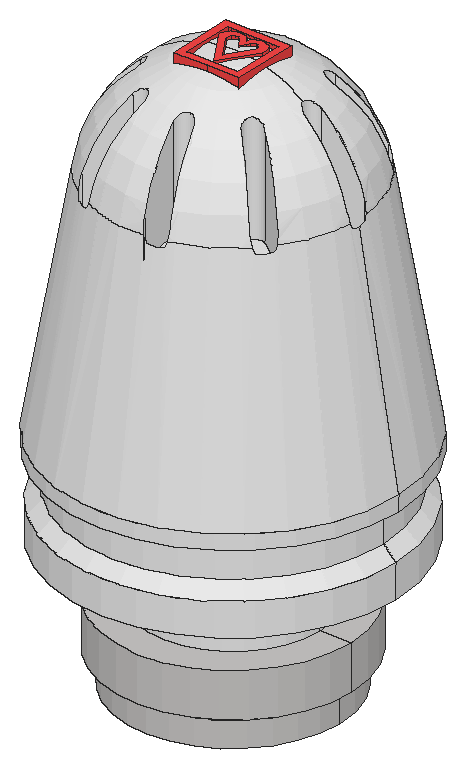
Revit family "Термостатическая головка HERZ-Design-MINI GS, с присоединительной резьбой М 28х1.5, 9200 03", category Rohrzubehör, Revit 2018
Family settings
  Bemaßung runder Anschluss = Durchmesser verwenden
  Teiletyp = Normal
  OmniClass-Nummer = 23.65.55.14
  OmniClass-Titel = Valves for Liquid Services
  Arbeitsebenenbasiert = Nein
  Immer vertikal = Nein
  Beim Laden mit Abzugskörper schneiden = Nein
  Gemeinsam genutzt = Nein
Parameters
  Принцип действия = "HERZ-термостатическая головка является датчиком прямого регулирования.\r\nИзменение объема жидкости в HERZ-гидросенсоре приводит в движение шток клапана."
  Область применения = "Для монтажа на всех HERZ-клапанах, предназначенных для термостатической работы."
  Номер заказа = 1920003  # constant formula
  Морозозащита = 6 °C  # constant formula
  Маховик = "Пластик, белый"  # constant formula
  Диапазон регулирования с морозозащитой = "6-30°C"  # constant formula
  Диапазон регулирования = "0-30°C"  # constant formula
  URL = "www.herz-armaturen.ru"
  S02 = 60 mm  # constant formula
  S01 = 73 mm  # constant formula
  Позиция теплового запирания "0" = "Термостатическая головка с жидкостным датчиком (гидросенсором) с позициями теплового запираниия \"0\" и морозозащиты, с ограничением и блокировкой диапазона регулирования."
  Hersteller = "HERZ Armaturen Ges.m.b.H."  # constant formula
  Позиция морозозащиты * = "Термостатическая головка с жидкостным датчиком (гидросенсором) с позицией морозозащиты и ограничением, блокировкой диапазона регулирования."
Reference planes
  plane 1 "Mitte (Vorne/hinten)": y = 0
  plane 2: z = 0
  plane 3 "Mitte (Links/rechts)": x = 0
Forms (mm)
  Revolve 1, solid, material "Kunststoff weiß", detail levels fine
    sketch origin (0, 0, 0) x (1, 0, 0) y (0, 0, 1)
      loop
        line (0, 0) -> (0, 73)
        arc (0, 73) -> (-11.397, 68.78) -> (-17.297, 58.156) r 17.5
        arc (-17.297, 58.156) -> (-20.011, 42.065) -> (-22.88, 26) r 1681.293
        line (-22.88, 26) -> (-22.88, 24) -> (-20.75, 24) -> (-20.75, 19.25) -> (-22.5, 17.5) -> (-22.5, 13) -> (-12.8, 13)
        arc (-12.8, 13) -> (-12.234, 12.766) -> (-12, 12.2) r 0.8
        line (-12, 12.2) -> (-12, 4.8) -> (-13.2, 4.8) -> (-13.2, 0) -> (0, 0)
      axis (0, 73) -> (0, 0)
    angle from 0 to 360
  Revolve 2, solid, material "Messing verzinkt", detail levels fine
    sketch origin (0, 0, 0) x (1, 0, 0) y (0, 0, 1)
      loop
        line (0, 0) -> (0, 5.5) -> (-16.35, 5.5) -> (-16.35, -0.576) -> (-14.75, -1.5) -> (-14.75, -5) -> (-13.35, -5) -> (-13.35, 0) -> (0, 0)
      axis (0, 5.5) -> (0, -5)
    angle from 0 to 360
  Extrusion 3, void
    sketch origin (0, 0, 0) x (1, 0, 0) y (0, 1, 0)
      loop
        arc (11.027, 1.298) -> (9.8, 0) -> (11.027, -1.298) r 1.3
        line (11.027, -1.298) -> (16.77, -1.62)
        arc (16.77, -1.62) -> (17.178, -1.485) -> (17.384, -1.107) r 0.586
        arc (17.384, -1.107) -> (17.453, 0.011) -> (17.382, 1.129) r 9
        arc (17.382, 1.129) -> (17.183, 1.492) -> (16.79, 1.621) r 0.564
        line (16.79, 1.621) -> (11.027, 1.298)
      loop
        line (9.282, 6.094) -> (13.904, 9.55)
        arc (13.904, 9.55) -> (14.121, 9.902) -> (14.04, 10.308) r 0.564
        arc (14.04, 10.308) -> (13.376, 11.21) -> (12.605, 12.023) r 9
        arc (12.605, 12.023) -> (12.205, 12.18) -> (11.805, 12.021) r 0.586
        line (11.805, 12.021) -> (7.613, 8.082)
        arc (7.613, 8.082) -> (7.507, 6.299) -> (9.282, 6.094) r 1.3
      loop
        arc (0.637, 11.085) -> (1.702, 9.651) -> (3.193, 10.634) r 1.3
        line (3.193, 10.634) -> (4.508, 16.234)
        arc (4.508, 16.234) -> (4.445, 16.659) -> (4.109, 16.928) r 0.586
        arc (4.109, 16.928) -> (3.02, 17.189) -> (1.907, 17.313) r 9
        arc (1.907, 17.313) -> (1.515, 17.181) -> (1.319, 16.816) r 0.564
        line (1.319, 16.816) -> (0.637, 11.085)
      loop
        line (-4.39, 10.199) -> (-6.991, 15.351)
        arc (-6.991, 15.351) -> (-7.3, 15.626) -> (-7.713, 15.617) r 0.564
        arc (-7.713, 15.617) -> (-8.717, 15.12) -> (-9.651, 14.501) r 9
        arc (-9.651, 14.501) -> (-9.875, 14.134) -> (-9.788, 13.713) r 0.586
        line (-9.788, 13.713) -> (-6.638, 8.901)
        arc (-6.638, 8.901) -> (-4.9, 8.487) -> (-4.39, 10.199) r 1.3
      loop
        arc (-10.806, 2.552) -> (-9.209, 3.352) -> (-9.918, 4.991) r 1.3
        line (-9.918, 4.991) -> (-15.204, 7.258)
        arc (-15.204, 7.258) -> (-15.634, 7.271) -> (-15.957, 6.986) r 0.586
        arc (-15.957, 6.986) -> (-16.404, 5.959) -> (-16.719, 4.884) r 9
        arc (-16.719, 4.884) -> (-16.657, 4.475) -> (-16.332, 4.219) r 0.564
        line (-16.332, 4.219) -> (-10.806, 2.552)
      loop
        line (-10.806, -2.552) -> (-16.332, -4.219)
        arc (-16.332, -4.219) -> (-16.657, -4.475) -> (-16.719, -4.884) r 0.564
        arc (-16.719, -4.884) -> (-16.404, -5.959) -> (-15.957, -6.986) r 9
        arc (-15.957, -6.986) -> (-15.634, -7.271) -> (-15.204, -7.258) r 0.586
        line (-15.204, -7.258) -> (-9.918, -4.991)
        arc (-9.918, -4.991) -> (-9.209, -3.352) -> (-10.806, -2.552) r 1.3
      loop
        arc (9.282, -6.094) -> (7.507, -6.299) -> (7.613, -8.082) r 1.3
        line (7.613, -8.082) -> (11.805, -12.021)
        arc (11.805, -12.021) -> (12.205, -12.18) -> (12.605, -12.023) r 0.586
        arc (12.605, -12.023) -> (13.376, -11.21) -> (14.04, -10.308) r 9
        arc (14.04, -10.308) -> (14.121, -9.902) -> (13.904, -9.55) r 0.564
        line (13.904, -9.55) -> (9.282, -6.094)
      loop
        line (0.637, -11.085) -> (1.319, -16.816)
        arc (1.319, -16.816) -> (1.515, -17.181) -> (1.907, -17.313) r 0.564
        arc (1.907, -17.313) -> (3.02, -17.189) -> (4.109, -16.928) r 9
        arc (4.109, -16.928) -> (4.445, -16.659) -> (4.508, -16.234) r 0.586
        line (4.508, -16.234) -> (3.193, -10.634)
        arc (3.193, -10.634) -> (1.702, -9.651) -> (0.637, -11.085) r 1.3
      loop
        arc (-4.39, -10.199) -> (-4.9, -8.487) -> (-6.638, -8.901) r 1.3
        line (-6.638, -8.901) -> (-9.788, -13.713)
        arc (-9.788, -13.713) -> (-9.875, -14.134) -> (-9.651, -14.501) r 0.586
        arc (-9.651, -14.501) -> (-8.717, -15.12) -> (-7.713, -15.617) r 9
        arc (-7.713, -15.617) -> (-7.3, -15.626) -> (-6.991, -15.351) r 0.564
        line (-6.991, -15.351) -> (-4.39, -10.199)
    from 55 to 73
Cuts and joins
  Extrusion 3 cuts Revolve 1
Lines and regions (mm)
  model lines, detail levels coarse+medium
    curve 1: line (0, 0, 0) -> (0, 0, 13)
    curve 2: line (0, -0.017, 0) -> (0, 13, 0)
    curve 3: circle (0, 0, 43) r 30 normal (0, -1, 0)
    curve 4: circle (0, 0, 43) r 30 normal (1, 0, 0)
    curve 5: line (0, 0, 23) -> (0, 0, 63)
    curve 6: line (0, -17.5, 63) -> (0, 17.5, 63)
    curve 7: line (0, 0, 23) -> (0, 0, 63)
    curve 8: line (-17.5, 0, 63) -> (17.5, 0, 63)
    curve 9: circle (0, 43, 0) r 30 normal (0, 0, 1)
    curve 10: line (0, 23, 0) -> (0, 63, 0)
    curve 11: line (-17.5, 63, 0) -> (17.5, 63, 0)
Dimensions and locks
  "S01": curve 4 to plane 2
  "S01": curve 3 to plane 2
  "S01": plane 1 "Mitte (Vorne/hinten)" to curve 9
  "S02": diameter of curve 3
  "S02": diameter of curve 4
  "S02": diameter of curve 9
  aligned and locked: level to plane 2
Automatic sketch dimensions
  Revolve 1 sketch curve to level = 0 mm
  Revolve 1 sketch curve to plane 3 "Mitte (Links/rechts)" = 0 mm  (x2)
  Revolve 1 sketch curve to plane 3 "Mitte (Links/rechts)" = 12 mm
  Revolve 1 sketch curve to Revolve 1 sketch curve = 0.8 mm
  Revolve 1 sketch curve to Revolve 1 sketch curve = 1.2 mm
  Revolve 1 sketch curve to Revolve 1 sketch curve = 7.95 mm
  Revolve 1 sketch curve to Revolve 1 sketch curve = 1.75 mm  (x2)
  Revolve 1 sketch curve to Revolve 1 sketch curve = 2.13 mm
  level to Revolve 1 sketch curve = 329.658 mm
  Revolve 1 sketch curve to plane 3 "Mitte (Links/rechts)" = 1676.524 mm
  level to Revolve 1 sketch curve = 4.8 mm
  Revolve 1 sketch curve to Revolve 1 sketch curve = 7.4 mm
  Revolve 1 sketch curve to Revolve 1 sketch curve = 4.5 mm
  Revolve 1 sketch curve to Revolve 1 sketch curve = 4.75 mm
  Revolve 1 sketch curve to Revolve 1 sketch curve = 2 mm
  Revolve 1 sketch curve to Revolve 1 sketch curve = 29.5 mm
  Revolve 1 sketch curve to Revolve 1 sketch curve = 17.5 mm
  Revolve 1 sketch curve to level = 366.045 mm
  Revolve 1 sketch curve to Revolve 1 sketch curve = 2141.315 mm
  Revolve 2 sketch curve to level = 0 mm
  Revolve 2 sketch curve to plane 3 "Mitte (Links/rechts)" = 0 mm  (x2)
  Revolve 2 sketch curve to level = 5 mm
  Revolve 2 sketch curve to plane 3 "Mitte (Links/rechts)" = 13.35 mm
  Revolve 2 sketch curve to Revolve 2 sketch curve = 1.4 mm
  Revolve 2 sketch curve to level = 0.576 mm
  Revolve 2 sketch curve to Revolve 2 sketch curve = 1.6 mm
  Revolve 2 sketch curve to level = 1.5 mm
  level to Revolve 2 sketch curve = 5.5 mm
  Revolve 2 sketch curve to Revolve 2 sketch curve = 361.045 mm
  Revolve 2 sketch curve to Revolve 2 sketch curve = 2208.815 mm
  plane 1 "Mitte (Vorne/hinten)" to Extrusion 3 sketch curve = 0 mm  (x2)
  Extrusion 3 sketch curve to plane 1 "Mitte (Vorne/hinten)" = 4.219 mm
  Extrusion 3 sketch curve to plane 3 "Mitte (Links/rechts)" = 16.332 mm
  plane 1 "Mitte (Vorne/hinten)" to Extrusion 3 sketch curve = 4.219 mm
  Extrusion 3 sketch curve to Extrusion 3 sketch curve = 0 mm  (x11)
  Extrusion 3 sketch curve to Extrusion 3 sketch curve = 0.163 mm  (x2)
  Extrusion 3 sketch curve to Extrusion 3 sketch curve = 0.734 mm  (x2)
  plane 1 "Mitte (Vorne/hinten)" to Extrusion 3 sketch curve = 7.258 mm
  Extrusion 3 sketch curve to Extrusion 3 sketch curve = 0.231 mm  (x2)
  Extrusion 3 sketch curve to plane 1 "Mitte (Vorne/hinten)" = 7.258 mm
  plane 1 "Mitte (Vorne/hinten)" to Extrusion 3 sketch curve = 2.552 mm
  Extrusion 3 sketch curve to Extrusion 3 sketch curve = 5.526 mm
  Extrusion 3 sketch curve to plane 1 "Mitte (Vorne/hinten)" = 2.552 mm
  Extrusion 3 sketch curve to Extrusion 3 sketch curve = 0.375 mm  (x2)
  Extrusion 3 sketch curve to Extrusion 3 sketch curve = 0.512 mm  (x2)
  Extrusion 3 sketch curve to Extrusion 3 sketch curve = 5.416 mm  (x2)
  Extrusion 3 sketch curve to Extrusion 3 sketch curve = 0.49 mm  (x2)
  Extrusion 3 sketch curve to Extrusion 3 sketch curve = 2.488 mm  (x2)
  Extrusion 3 sketch curve to Extrusion 3 sketch curve = 1.803 mm  (x2)
  Extrusion 3 sketch curve to Extrusion 3 sketch curve = 0.504 mm  (x2)
  Extrusion 3 sketch curve to Extrusion 3 sketch curve = 3.281 mm  (x2)
  Extrusion 3 sketch curve to Extrusion 3 sketch curve = 1.088 mm  (x2)
  Extrusion 3 sketch curve to Extrusion 3 sketch curve = 1.16 mm  (x2)
  Extrusion 3 sketch curve to Extrusion 3 sketch curve = 1.324 mm  (x2)
  plane 3 "Mitte (Links/rechts)" to Extrusion 3 sketch curve = 0.637 mm  (x2)
  plane 3 "Mitte (Links/rechts)" to Extrusion 3 sketch curve = 1.319 mm  (x2)
  plane 3 "Mitte (Links/rechts)" to Extrusion 3 sketch curve = 1.468 mm  (x2)
  Extrusion 3 sketch curve to Extrusion 3 sketch curve = 0.561 mm  (x2)
  Extrusion 3 sketch curve to Extrusion 3 sketch curve = 1.291 mm  (x2)
  Extrusion 3 sketch curve to Extrusion 3 sketch curve = 1.266 mm  (x2)
  Extrusion 3 sketch curve to Extrusion 3 sketch curve = 2.058 mm  (x2)
  Extrusion 3 sketch curve to Extrusion 3 sketch curve = 0.57 mm  (x2)
  Extrusion 3 sketch curve to Extrusion 3 sketch curve = 5.007 mm  (x2)
  Extrusion 3 sketch curve to Extrusion 3 sketch curve = 1.138 mm  (x2)
  Extrusion 3 sketch curve to Extrusion 3 sketch curve = 1.978 mm
  Extrusion 3 sketch curve to Extrusion 3 sketch curve = 0.89 mm  (x2)
  Extrusion 3 sketch curve to Extrusion 3 sketch curve = 0.779 mm  (x2)
  plane 1 "Mitte (Vorne/hinten)" to Extrusion 3 sketch curve = 1.298 mm
  Extrusion 3 sketch curve to Extrusion 3 sketch curve = 2.575 mm
  Extrusion 3 sketch curve to Extrusion 3 sketch curve = 0.073 mm
  Extrusion 3 sketch curve to Extrusion 3 sketch curve = 4.192 mm  (x2)
  Extrusion 3 sketch curve to Extrusion 3 sketch curve = 0.401 mm  (x2)
  Extrusion 3 sketch curve to Extrusion 3 sketch curve = 1.36 mm  (x2)
  Extrusion 3 sketch curve to Extrusion 3 sketch curve = 0.338 mm  (x2)
  plane 1 "Mitte (Vorne/hinten)" to Extrusion 3 sketch curve = 1.62 mm
  Extrusion 3 sketch curve to Extrusion 3 sketch curve = 5.743 mm
  Extrusion 3 sketch curve to plane 1 "Mitte (Vorne/hinten)" = 1.621 mm
  Extrusion 3 sketch curve to Extrusion 3 sketch curve = 0.02 mm
  Extrusion 3 sketch curve to Extrusion 3 sketch curve = 0.033 mm
  Extrusion 3 sketch curve to Extrusion 3 sketch curve = 0.032 mm
  plane 1 "Mitte (Vorne/hinten)" to Extrusion 3 sketch curve = 7.32 mm
  Extrusion 3 sketch curve to Extrusion 3 sketch curve = 6.784 mm
  Extrusion 3 sketch curve to Extrusion 3 sketch curve = 1.004 mm
  Extrusion 3 sketch curve to Extrusion 3 sketch curve = 1.581 mm  (x2)
  Extrusion 3 sketch curve to Extrusion 3 sketch curve = 1.468 mm
  Extrusion 3 sketch curve to Extrusion 3 sketch curve = 0.712 mm  (x2)
  Extrusion 3 sketch curve to Extrusion 3 sketch curve = 0.452 mm  (x2)
  Extrusion 3 sketch curve to Extrusion 3 sketch curve = 2.31 mm  (x2)
  Extrusion 3 sketch curve to Extrusion 3 sketch curve = 0.297 mm  (x2)
  Extrusion 3 sketch curve to Extrusion 3 sketch curve = 1.591 mm  (x2)
  Extrusion 3 sketch curve to Extrusion 3 sketch curve = 0.427 mm  (x2)
  Extrusion 3 sketch curve to Extrusion 3 sketch curve = 4.812 mm  (x2)
  Extrusion 3 sketch curve to Extrusion 3 sketch curve = 0.321 mm  (x2)
  Extrusion 3 sketch curve to Extrusion 3 sketch curve = 1.063 mm  (x2)
  Extrusion 3 sketch curve to Extrusion 3 sketch curve = 0.254 mm  (x2)
  Extrusion 3 sketch curve to Extrusion 3 sketch curve = 5.599 mm  (x2)
  Extrusion 3 sketch curve to Extrusion 3 sketch curve = 0.134 mm  (x2)
  Extrusion 3 sketch curve to Extrusion 3 sketch curve = 0.382 mm  (x2)
  Extrusion 3 sketch curve to Extrusion 3 sketch curve = 0.067 mm  (x2)
  Extrusion 3 sketch curve to Extrusion 3 sketch curve = 0.947 mm
  Extrusion 3 sketch curve to Extrusion 3 sketch curve = 0.539 mm  (x2)
  Extrusion 3 sketch curve to Extrusion 3 sketch curve = 1.702 mm
  Extrusion 3 sketch curve to Extrusion 3 sketch curve = 2.439 mm
  Extrusion 3 sketch curve to Extrusion 3 sketch curve = 0.54 mm  (x2)
  Extrusion 3 sketch curve to Extrusion 3 sketch curve = 0.905 mm
  Extrusion 3 sketch curve to Extrusion 3 sketch curve = 0.585 mm
  Extrusion 3 sketch curve to Extrusion 3 sketch curve = 0.564 mm
  Extrusion 3 sketch curve to Extrusion 3 sketch curve = 0.339 mm
  Extrusion 3 sketch curve to Extrusion 3 sketch curve = 1.245 mm
  Extrusion 3 sketch curve to plane 1 "Mitte (Vorne/hinten)" = 5.433 mm
  Extrusion 3 sketch curve to Extrusion 3 sketch curve = 0.661 mm
  Extrusion 3 sketch curve to Extrusion 3 sketch curve = 1.041 mm
  Extrusion 3 sketch curve to Extrusion 3 sketch curve = 4.429 mm
  Extrusion 3 sketch curve to Extrusion 3 sketch curve = 2.891 mm
  Extrusion 3 sketch curve to Extrusion 3 sketch curve = 3.456 mm
  Extrusion 3 sketch curve to plane 1 "Mitte (Vorne/hinten)" = 1.298 mm  (x2)
  curve 5 to plane 1 "Mitte (Vorne/hinten)" = 0 mm
  curve 4 to plane 1 "Mitte (Vorne/hinten)" = 0 mm
  plane 1 "Mitte (Vorne/hinten)" to curve 6 = 17.5 mm
  curve 5 to curve 6 = 17.5 mm
  curve 5 to curve 4 = 20 mm
  curve 4 to curve 6 = 20 mm
  curve 3 to plane 3 "Mitte (Links/rechts)" = 0 mm
  curve 7 to plane 3 "Mitte (Links/rechts)" = 0 mm
  curve 1 to plane 3 "Mitte (Links/rechts)" = 0 mm
  curve 1 to level = 0 mm
  curve 8 to curve 7 = 17.5 mm
  plane 3 "Mitte (Links/rechts)" to curve 8 = 17.5 mm
  curve 1 to curve 7 = 10 mm
  curve 3 to curve 8 = 20 mm
  curve 9 to plane 3 "Mitte (Links/rechts)" = 0 mm
  curve 10 to plane 3 "Mitte (Links/rechts)" = 0 mm
  curve 2 to plane 3 "Mitte (Links/rechts)" = 0 mm
  curve 11 to curve 10 = 17.5 mm
  plane 3 "Mitte (Links/rechts)" to curve 11 = 17.5 mm
  plane 1 "Mitte (Vorne/hinten)" to curve 2 = 0.017 mm
  curve 2 to curve 10 = 10 mm
  curve 9 to curve 11 = 20 mm
Nested families
  nested 1: "Herz-Logo" at (0, 0, 71.5), type "Herz-Logo", detail levels fine
Definition of nested family "Herz-Logo"
  Reference planes
    plane 1 "Mitte (Vorne/hinten)": y = 0
    plane 2: z = 0
    plane 3 "Mitte (Links/rechts)": x = 0
  Forms (mm)
    Extrusion 1, solid
      sketch origin (0, 0, 0) x (1, 0, 0) y (0, 1, 0)
        loop
          line (-0.018, -4.517) -> (4.482, -4.517) -> (4.482, 4.483) -> (-4.518, 4.483) -> (-4.518, -4.517) -> (-0.018, -4.517)
        loop
          line (-0.05, -3.48) -> (3.482, -3.48) -> (3.482, 3.483) -> (-3.518, 3.483) -> (-3.518, -3.48) -> (-0.05, -3.48)
        loop
          arc (-0.018, 2.383) -> (-1.543, 3.287) -> (-3.067, 2.383) r 1.738
          arc (-3.067, 2.383) -> (-3.191, 1.899) -> (-3.067, 1.415) r 1.009
          line (-3.067, 1.415) -> (-0.018, -3.281) -> (3.032, 1.415)
          arc (3.032, 1.415) -> (3.156, 1.899) -> (3.032, 2.383) r 1.009
          arc (3.032, 2.383) -> (1.507, 3.287) -> (-0.018, 2.383) r 1.738
        loop
          arc (1.885, 1.272) -> (2.005, 1.675) -> (1.885, 2.079) r 0.74
          arc (1.885, 2.079) -> (1.265, 2.416) -> (0.644, 2.079) r 0.74
          line (0.644, 2.079) -> (-0.018, 0.97) -> (-0.679, 2.079)
          arc (-0.679, 2.079) -> (-1.3, 2.416) -> (-1.921, 2.079) r 0.74
          arc (-1.921, 2.079) -> (-2.04, 1.675) -> (-1.921, 1.272) r 0.74
          line (-1.921, 1.272) -> (-0.018, -1.658) -> (1.885, 1.272)
      from 0 to 1.5
  Dimensions and locks
    aligned and locked: level to plane 2
